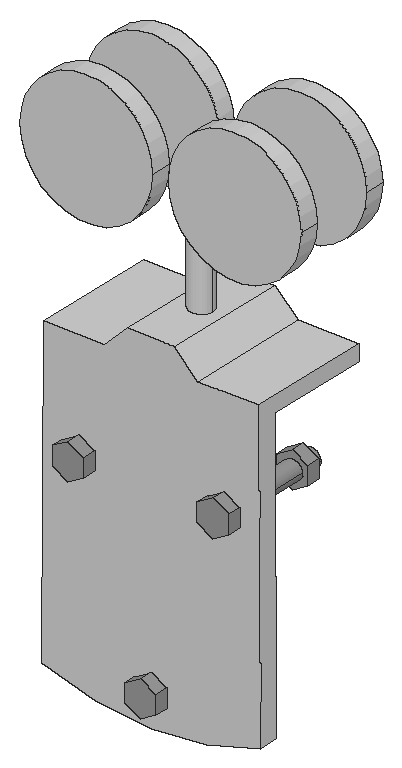
Revit family "087100_14 - Sliding and Folding Door Hardware - 5040 Box Rail Hangers", category Generic Models, Revit 2017
Family settings
  Can host rebar = No
  Round Connector Dimension = Use Diameter
  Part Type = Normal
  Work Plane-Based = Yes
  Always vertical = No
  Cut with Voids When Loaded = No
  Shared = No
  Room Calculation Point = No
Parameters (values of type "No Bottom")
  Left Bolt = Lag Bolt : Thru Bolt
  Default Elevation = 4' - 0"
  Bracket Material = BOX RAIL HANGER (NATIONAL 5040)
  Bottom Bolt = Lag Bolt : Lag
Types (3): name | Left Bolt | Bottom Bolt
  (no name) | Lag Bolt : Thru Bolt | Lag Bolt : Lag
  No Left | Lag Bolt : Lag | Lag Bolt : Thru Bolt
  No Bottom | Lag Bolt : Thru Bolt | Lag Bolt : Lag
Reference planes (in)
  plane 1 "Center (Front/Back)": y = 0
  plane 2: z = 0
  plane 3 "Center (Left/Right)": x = 0
  plane 4: z = -1.47582
  plane 5: z = -4.47724
  plane 6: x = -1.16055
  plane 7: x = 1.16055
Forms (in)
  Extrusion 1, solid, material "BOX RAIL HANGER (NATIONAL 5040)" <- "Bracket Material"
    sketch origin (-100.50115, -0.5, -100.45825) x (1, 0, 0) y (0, 0, 1)
      loop
        circle (99.31421, 103.28601) r 1.06629
      loop
        circle (101.69034, 103.28601) r 1.06629
    from 0 to 0.3125
  Extrusion 2, solid, material "BOX RAIL HANGER (NATIONAL 5040)" <- "Bracket Material"
    sketch origin (-36.89445, -10.9108, -85.29582) x (1, 0, 0) y (0, 1, 0)
      loop
        circle (36.89186, 10.9108) r 0.1875
    from 85.29582 to 88.19162
  Extrusion 3, solid, material "BOX RAIL HANGER (NATIONAL 5040)" <- "Bracket Material"
    sketch origin (-101.82907, 1, -101.78618) x (1, 0, 0) y (0, 0, 1)
      loop
        line (100.10661, 101.78618) -> (101.18227, 101.78618) -> (101.55244, 102.15635) -> (102.10569, 102.15635) -> (102.47587, 101.78618) -> (103.55153, 101.78618) -> (103.55001, 102.03618) -> (102.57943, 102.03618) -> (102.20924, 102.40635) -> (101.44889, 102.40635) -> (101.07872, 102.03618) -> (100.10813, 102.03618) -> (100.10661, 101.78618)
    from 0 to 2
  Extrusion 4, solid, material "BOX RAIL HANGER (NATIONAL 5040)" <- "Bracket Material"
    sketch origin (-102.58341, -0.6875, -102.68516) x (1, 0, 0) y (0, 0, 1)
      loop
        arc (100.83259, 98.01695) -> (102.58341, 97.68268) -> (104.33422, 98.01695) r 4.75226
        line (104.33422, 98.01695) -> (104.30435, 102.93516) -> (103.33376, 102.93516) -> (102.96358, 103.30533) -> (102.20322, 103.30533) -> (101.83305, 102.93516) -> (100.86246, 102.93516) -> (100.83259, 98.01695)
      loop
        line (101.25128, 101.38093) -> (101.25128, 101.03776) -> (101.59444, 101.03776) -> (101.59444, 101.38093) -> (101.25128, 101.38093)
      loop
        line (103.57238, 101.38093) -> (103.57238, 101.03776) -> (103.91554, 101.03776) -> (103.91554, 101.38093) -> (103.57238, 101.38093)
      loop
        line (102.41183, 98.37951) -> (102.41183, 98.03634) -> (102.75499, 98.03634) -> (102.75499, 98.37951) -> (102.41183, 98.37951)
    from 0 to 0.3125
  Extrusion 5, solid, material "BOX RAIL HANGER (NATIONAL 5040)" <- "Bracket Material"
    sketch origin (-100.50115, 0.5, -100.45825) x (1, 0, 0) y (0, 0, -1)
      loop
        circle (99.31421, -103.28601) r 1.06629
      loop
        circle (101.69034, -103.28601) r 1.06629
    from 0 to 0.3125
Cuts and joins
  joined: Extrusion 3, Extrusion 4
Dimensions and locks (in)
  aligned and locked: plane 2 to level
Nested families (in)
  nested 1: "Lag Bolt" at (1.16055, -1, -1.47582) x (1, 0, 0) z (0, -1, 0), type "Thru Bolt"
    with Thickness_of_Substrate 0' - 1 3/8", Bolt Material (Size) STRUCTURAL BOLTS (PAINT TO MATCH STEEL FINISH), Side 0' - 0 37/128", Radius 0' - 0 5/32", Length 0' - 1 3/4", Head Size 0' - 0 1/2", Head Radius 0' - 0 1/4", Head Height 0' - 0 7/32", Diameter 0' - 0 5/16"
  nested 2: "Lag Bolt" at (-1.16055, -1, -1.47582) x (1, 0, 0) z (0, -1, 0), type <- "Left Bolt", type "Thru Bolt"
    with Thickness_of_Substrate 0' - 1 3/8", Bolt Material (Size) STRUCTURAL BOLTS (PAINT TO MATCH STEEL FINISH), Side 0' - 0 37/128", Radius 0' - 0 5/32", Length 0' - 1 3/4", Head Size 0' - 0 1/2", Head Radius 0' - 0 1/4", Head Height 0' - 0 7/32", Diameter 0' - 0 5/16"
  nested 3: "Lag Bolt" at (0, -1, -4.47724) x (1, 0, 0) z (0, -1, 0), type <- "Bottom Bolt", type "Lag"
    with Thickness_of_Substrate 0' - 1 3/8", Bolt Material (Size) STRUCTURAL BOLTS (PAINT TO MATCH STEEL FINISH), Side 0' - 0 37/128", Radius 0' - 0 5/32", Nut_Visibility no, Length 0' - 1", Head Size 0' - 0 1/2", Head Radius 0' - 0 1/4", Head Height 0' - 0 7/32", Diameter 0' - 0 5/16"
Definition of nested family "Lag Bolt"
  Parameters (values of type "1/2" x 3"")
    Thickness_of_Substrate [instance] = 0' - 1"
    Side = Head Size * 0.57812  # 0' - 0 111/256"
    Radius = Diameter / 2  # 0' - 0 1/4"
    Nut_Visibility = yes
    Length = 0' - 3"
    Head Size = 0' - 0 3/4"
    Head Radius = Head Size / 2  # 0' - 0 3/8"
    Head Height = 0' - 0 27/64"
    Diameter = 0' - 0 1/2"
    Default Elevation = 4' - 0"
    Bolt Material (Size) [instance] = none
  Types (12): name | Side | Radius | Length | Head Size | Head Radius | Head Height | Diameter
    1/2" x 3" | 0' - 0 111/256" | 0' - 0 1/4" | 0' - 3" | 0' - 0 3/4" | 0' - 0 3/8" | 0' - 0 27/64" | 0' - 0 1/2"
    1/4" x 3" | 0' - 0.25293" | 0' - 0 1/8" | 0' - 3" | 0' - 0 7/16" | 0' - 0 7/32" | 0' - 0 11/64" | 0' - 0 1/4"
    5/16" x 3" | 0' - 0 37/128" | 0' - 0 5/32" | 0' - 3" | 0' - 0 1/2" | 0' - 0 1/4" | 0' - 0 7/32" | 0' - 0 5/16"
    3/8" x 3" | 0' - 0.3252" | 0' - 0 3/16" | 0' - 3" | 0' - 0 9/16" | 0' - 0 9/32" | 0' - 0 1/4" | 0' - 0 3/8"
    7/16" x 3" | 0' - 0.36133" | 0' - 0 7/32" | 0' - 3" | 0' - 0 5/8" | 0' - 0 5/16" | 0' - 0 19/64" | 0' - 0 7/16"
    5/8" x 3" | 0' - 0.54199" | 0' - 0 5/16" | 0' - 3" | 0' - 0 15/16" | 0' - 0 15/32" | 0' - 0 27/64" | 0' - 0 5/8"
    1/2" x 2 1/2" | 0' - 0 111/256" | 0' - 0 1/4" | 0' - 2 1/2" | 0' - 0 3/4" | 0' - 0 3/8" | 0' - 0 11/32" | 0' - 0 1/2"
    3/4" x 2" | 0' - 0.65039" | 0' - 0 3/8" | 0' - 2" | 0' - 1 1/8" | 0' - 0 9/16" | 0' - 0 1/2" | 0' - 0 3/4"
    3/8" x 1" | 0' - 0.3252" | 0' - 0 3/16" | 0' - 1" | 0' - 0 9/16" | 0' - 0 9/32" | 0' - 0 1/4" | 0' - 0 3/8"
    1/2" x 4" | 0' - 0 111/256" | 0' - 0 1/4" | 0' - 4" | 0' - 0 3/4" | 0' - 0 3/8" | 0' - 0 1/2" | 0' - 0 1/2"
    TWO | 0' - 0 37/128" | 0' - 0 5/32" | 0' - 1" | 0' - 0 1/2" | 0' - 0 1/4" | 0' - 0 7/32" | 0' - 0 5/16"
    ONE | 0' - 0 37/128" | 0' - 0 5/32" | 0' - 1 3/4" | 0' - 0 1/2" | 0' - 0 1/4" | 0' - 0 7/32" | 0' - 0 5/16"
  Reference planes (in)
    plane 1 "Center (Front/Back)": y = 0
    plane 2: z = 0
    plane 3 "Center (Left/Right)": x = 0
    plane 4: z = 0.42187
    plane 5: z = -3
    plane 6: y = 0
    plane 7: x = 0
    plane 8: z = -1
  Forms (in)
    Extrusion 1, solid, material <- "Bolt Material (Size)"
      sketch origin (0, 0, 0) x (1, 0, 0) y (0, 1, 0)
        loop
          circle (0, 0) r 0.25
      from -3 to 0
  Lines and regions (in)
    model lines
      curve 1: line (0, -0.64952, 0.42188) -> (0, 0.64952, 0.42188)
      curve 2: line (0.375, 0, 0.42188) -> (-0.375, 0, 0.42188)
    symbolic lines
      curve 3: line (0, 0, 0.42187) -> (0, 0, -3)
      curve 4: line (0, 0, 0.42187) -> (0, 0, -3)
  Dimensions and locks (in)
    "Head Height": plane 4 to level
    "Length": level to plane 5
    "Thickness_of_Substrate": level to plane 8
    "Radius": radius of Extrusion 1 sketch curve
    aligned and locked: level to plane 2
    aligned and locked: Extrusion 1 to plane 5
    aligned and locked: plane 7 to curve 1
    aligned and locked: plane 6 to curve 2
    aligned and locked: plane 6 to curve 4
  Automatic sketch dimensions
    curve 3 to plane 3 "Center (Left/Right)" = 0' - 0"
    curve 3 to plane 5 = 0' - 0"
    curve 3 to plane 4 = 0' - 0"
    curve 4 to plane 5 = 0' - 0"
    curve 4 to plane 4 = 0' - 0"
    curve 1 to curve 2 = 0' - 0.64952"
    curve 2 to curve 1 = 0' - 0.64952"
    curve 2 to nested 1 = 0' - 0"  (x2)
    plane 1 "Center (Front/Back)" to Extrusion 1 sketch curve = 0' - 0"
    Extrusion 1 sketch curve to plane 3 "Center (Left/Right)" = 0' - 0"
  Nested families (in)
    nested 1: "Nut" at (0, 0, 0), Diameter <- "Diameter", Head Height <- "Head Height", Head Size <- "Head Size", Bolt Material (Size) <- "Bolt Material (Size)", type "one"
      with Side 0' - 0 111/256", Radius 0' - 0 1/4", Head Size 0' - 0 3/4", Head Radius 0' - 0 3/8", Head Height 0' - 0 27/64", Diameter 0' - 0 1/2", Bolt Material (Size) none
    nested 2: "Nut" at (0, 0, -1) x (1, 0, 0) z (0, 0, -1), Diameter <- "Diameter", Head Height <- "Head Height", Head Size <- "Head Size", visible <- "Nut_Visibility", type "one"
      with Side 0' - 0 111/256", Radius 0' - 0 1/4", Head Size 0' - 0 3/4", Head Radius 0' - 0 3/8", Head Height 0' - 0 27/64", Diameter 0' - 0 1/2", Bolt Material (Size) none
  Definition of nested family "Nut"
    Parameters (values of type "one")
      Side [instance] = Head Size * 0.57812  # 0' - 0 111/256"
      Radius [instance] = Diameter / 2  # 0' - 0 1/4"
      Head Size [instance] = 0' - 0 3/4"
      Head Radius [instance] = Head Size / 2  # 0' - 0 3/8"
      Head Height [instance] = 0' - 0 11/32"
      Diameter [instance] = 0' - 0 1/2"
      Default Elevation = 4' - 0"
      Bolt Material (Size) [instance] = none
    Reference planes (in)
      plane 1 "Center (Front/Back)": y = 0
      plane 2: z = 0
      plane 3 "Center (Left/Right)": x = 0
      plane 4: z = 0.34375
      plane 5: y = 0
      plane 6: x = 0
    Forms (in)
      Extrusion 1, solid, material <- "Bolt Material (Size)"
        sketch origin (0, 0, 0) x (1, 0, 0) y (0, 1, 0)
          loop
            line (0, 0.43301) -> (-0.375, 0.21651) -> (-0.375, -0.21651) -> (0, -0.43301) -> (0.375, -0.21651) -> (0.375, 0.21651) -> (0, 0.43301)
        from 0 to 0.34375
    Lines and regions (in)
      symbolic lines
        curve 1: line (0, 0, 0.34375) -> (0, 0, -3)
    Dimensions and locks (in)
      "Head Height": plane 4 to level
      "Head Radius": Extrusion 1 sketch curve to plane 3 "Center (Left/Right)"
      "Head Radius": Extrusion 1 sketch curve to plane 6
      "Head Radius": Extrusion 1 sketch curve to plane 5  (x2)
      locked: Extrusion 1 sketch curve to Extrusion 1 sketch curve (angle 120.00°)  (x5)
      aligned and locked: level to plane 2
      aligned and locked: Extrusion 1 to plane 4
      aligned and locked: plane 5 to curve 1
    Automatic sketch dimensions
      curve 1 to plane 4 = 0' - 0"
      curve 1 to level = 0' - 3"
      Extrusion 1 sketch curve to plane 3 "Center (Left/Right)" = 0' - 0"  (x2)
